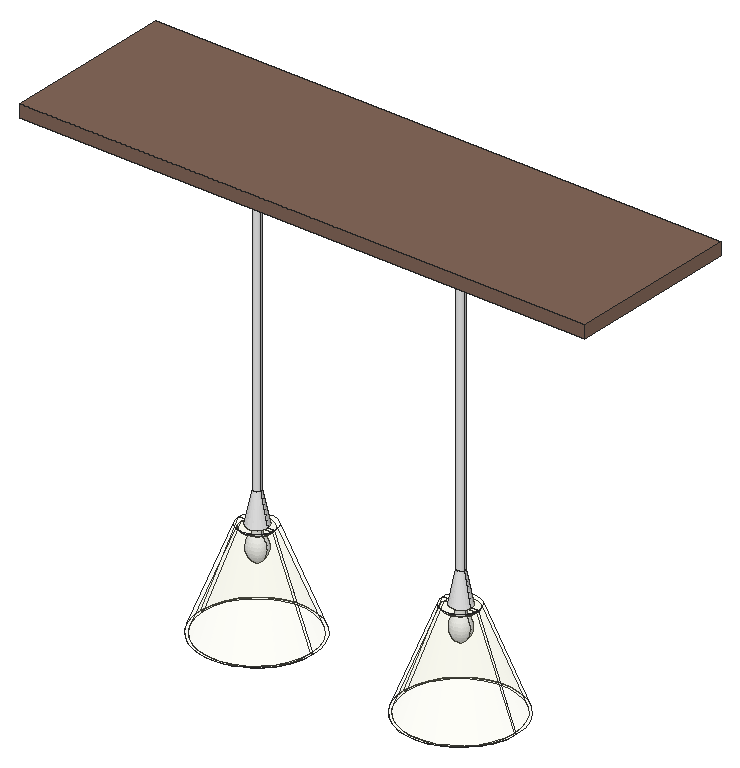
Revit family
Parameters (values of type "원추형 램프 03 W1000*H800")
  천장 드롭A = 800.00 mm
  천장 고정 재료 = 사펠리 폭
  천장 드롭B = 800.00 mm
  built-in parameter 1150142 = (empty or 0)
  Manufacturer = ""
  펜던트 재료 = 금속 - 크롬(2)
  Wattage Comments = "50x2"
  조명 재료 = 파스텔 노란색 유리
Types (4, lengths in mm): name | 천장 드롭A | 천장 드롭B | Wattage Comments
  (no name) | 800.00 | 800.00 | "50x2"
  원추형 램프 01 W800*H1000 | 500.00 | 800.00 | "50x2"
  원추형 램프 02 W1000*H400 | 800.00 | 400.00 | "100"
  원추형 램프 03 W1000*H800 | 800.00 | 800.00 | "50x2"
Reference planes
  plane 1 "조명 축": y = 0
  plane 2 "천장": z = 2438.4
  plane 3 "조명 축": x = 0
  plane 4 "조명원 높이값": z = 1418.4
  plane 5: z = 1638.4
  plane 6: y = 150
  plane 7: y = -150
  plane 8: x = -300
  plane 9: z = 1638.4
  plane 10: x = 700
  plane 11: x = 360
  plane 12: z = 1806.4
  plane 13: z = 1811.4
  plane 14: z = 1806.4
  plane 15: z = 1811.4
  plane 16: z = 1749.9
  plane 17: z = 1749.9
Forms (mm)
  Revolve 1, solid, material "금속 - 크롬(2)" <- "펜던트 재료"
    sketch origin (0, 0, -1.873) x (0, 0, -1) y (1, 0, 0)
      loop
        line (-1808.273, 0) -> (-1808.273, -8.221) -> (-1797.63, -8.221)
        arc (-1797.63, -8.221) -> (-1772.573, -16.775) -> (-1752.088, 0) r 27.237
        line (-1752.088, 0) -> (-1808.273, 0)
      axis (-1808.273, 0) -> (-1752.088, 0)
    angle from 0 to 360
  Revolve 2, solid, material "파스텔 노란색 유리" <- "조명 재료"
    sketch origin (0, 0, 0) x (0, 0, -1) y (1, 0, 0)
      loop
        line (-1811.4, -31.914) -> (-1638.4, -100) -> (-1638.4, -94.94) -> (-1806.4, -27.667) -> (-1806.4, 0) -> (-1811.4, 0) -> (-1811.4, -31.914)
      axis (-1811.4, 0) -> (-1638.4, 0)
    angle from 0 to 360
  Revolve 3, solid, material "금속 - 크롬(2)" <- "펜던트 재료"
    sketch origin (0, 0, 0) x (0, 0, -1) y (1, 0, 0)
      loop
        line (-1866.695, 0) -> (-1866.695, -6.35) -> (-1811.4, -18.103) -> (-1811.4, 0) -> (-1866.695, 0)
      axis (-1866.695, 0) -> (-1811.4, 0)
    angle from 0 to 360
  Extrusion 4, solid, material "금속 - 크롬(2)" <- "펜던트 재료"
    sketch origin (360, 0, 0) x (1, 0, 0) y (0, 1, 0)
      loop
        circle (0, 0) r 6.35
    from 1866.695 to 2416.159
  Revolve 5, solid, material "금속 - 크롬(2)" <- "펜던트 재료"
    sketch origin (360, 0, 200) x (0, 0, -1) y (1, 0, 0)
      loop
        line (-1666.695, 0) -> (-1666.695, -6.35) -> (-1611.4, -18.103) -> (-1611.4, 0) -> (-1666.695, 0)
      axis (-1666.695, 0) -> (-1611.4, 0)
    angle from 0 to 360
  Revolve 6, solid, material "파스텔 노란색 유리" <- "조명 재료"
    sketch origin (360, 0, 262.534) x (0, 0, -1) y (1, 0, 0)
      loop
        line (-1548.866, -31.914) -> (-1375.866, -100) -> (-1375.866, -94.94) -> (-1543.866, -28.821) -> (-1543.866, 0) -> (-1548.866, 0) -> (-1548.866, -31.914)
      axis (-1548.866, 0) -> (-1375.866, 0)
    angle from 0 to 360
  Revolve 7, solid, material "금속 - 크롬(2)" <- "펜던트 재료"
    sketch origin (360, 0, 198.127) x (0, 0, -1) y (1, 0, 0)
      loop
        line (-1608.273, 0) -> (-1608.273, -8.221) -> (-1597.63, -8.221)
        arc (-1597.63, -8.221) -> (-1572.573, -16.775) -> (-1552.088, 0) r 27.237
        line (-1552.088, 0) -> (-1608.273, 0)
      axis (-1608.273, 0) -> (-1552.088, 0)
    angle from 0 to 360
  Extrusion 8, solid, material "사펠리 폭" <- "천장 고정 재료"
    sketch origin (0, 0, 0) x (1, 0, 0) y (0, 1, 0)
      loop
        line (-300, 150) -> (-300, -150) -> (700, -150) -> (700, 150) -> (-300, 150)
    from 2416.159 to 2438.4
  Extrusion 9, solid, material "금속 - 크롬(2)" <- "펜던트 재료"
    sketch origin (0, 0, 0) x (1, 0, 0) y (0, 1, 0)
      loop
        circle (0, 0) r 6.35
    from 1866.695 to 2416.159
Lines and regions (mm)
  sketch lines
    curve 1: line (-1524, 1524, 0) -> (1524, 1524, 0)
    curve 2: line (-1524, 1524, 0) -> (-1524, -1524, 0)
    curve 3: line (-1524, -1524, 0) -> (1524, -1524, 0)
    curve 4: line (1524, 1524, 0) -> (1524, -1524, 0)
Dimensions and locks
  equal spacing: curve 2, plane 3 "조명 축", curve 4
  equal spacing: curve 3, plane 1 "조명 축", curve 1
  curve 2 to curve 4 = 3048.00 mm
  curve 3 to curve 1 = 3048.00 mm
  "천장 드롭B": plane 2 "천장" to plane 5
  locked: Revolve 3 sketch curve to Revolve 3 sketch curve at 55.295
  locked: Revolve 5 sketch curve to Revolve 5 sketch curve at 55.295
  "천장 드롭A": plane 9 to plane 2 "천장"
  plane 10 to plane 8 = 1000.00 mm
  locked: Extrusion 8 to Extrusion 8 at 22.241
  locked: plane 12 to plane 5 at 168
  locked: plane 13 to plane 12 at 5
  locked: plane 14 to plane 9 at 168
  locked: plane 15 to plane 14 at 5
  locked: plane 13 to plane 16 at 61.5
  locked: plane 15 to plane 17 at 61.5
  aligned and locked: plane 3 "조명 축" to Revolve 1 sketch curve  (x2)
  aligned and locked: Revolve 3 sketch curve to Revolve 2
  aligned and locked: Revolve 3 sketch curve to plane 3 "조명 축"
  aligned and locked: plane 9 to Revolve 6 sketch curve
  aligned and locked: Revolve 5 sketch curve to Revolve 6
  aligned and locked: Extrusion 4 to Revolve 5
  aligned and locked: plane 8 to Extrusion 8 sketch curve
  aligned and locked: plane 6 to Extrusion 8 sketch curve
  aligned and locked: plane 7 to Extrusion 8 sketch curve
  aligned and locked: Extrusion 8 sketch curve to plane 10
  aligned and locked: Extrusion 4 to Extrusion 8
  aligned and locked: Extrusion 9 to Revolve 3
  aligned and locked: Extrusion 9 to Extrusion 4
  aligned and locked: Revolve 2 to Revolve 1
  aligned and locked: nested 1 to plane 3 "조명 축"
  aligned and locked: nested 1 to plane 1 "조명 축"  (x2)
  aligned and locked: nested 2 to plane 11
  aligned and locked: nested 2 to plane 1 "조명 축"  (x2)
  aligned and locked: Revolve 1 sketch curve to plane 12
  aligned and locked: Revolve 2 sketch curve to plane 5
  aligned and locked: plane 13 to Revolve 2 sketch curve
  aligned and locked: Revolve 6 sketch curve to plane 15
  aligned and locked: plane 14 to Revolve 7 sketch curve
  aligned and locked: Revolve 6 sketch curve to plane 14
  aligned and locked: nested 1 to plane 16
  aligned and locked: nested 2 to plane 17
Automatic sketch dimensions
  Revolve 2 sketch curve to plane 3 "조명 축" = 0.00 mm  (x2)
  Revolve 2 sketch curve to Revolve 2 sketch curve = 5.00 mm
  Revolve 2 sketch curve to Revolve 2 sketch curve = 111.888 mm
  plane 4 "조명원 높이값" to Revolve 2 sketch curve = 94.291 mm
  Revolve 2 sketch curve to plane 3 "조명 축" = 31.914 mm
  Revolve 2 sketch curve to Revolve 2 sketch curve = 4.247 mm
  Revolve 1 sketch curve to plane 3 "조명 축" = 0.00 mm
  Revolve 1 sketch curve to Revolve 1 sketch curve = 71.672 mm
  Revolve 1 sketch curve to Revolve 1 sketch curve = 10.643 mm
  plane 3 "조명 축" to Revolve 1 sketch curve = 10.029 mm
  Revolve 1 sketch curve to Revolve 1 sketch curve = 20.219 mm
  Revolve 1 sketch curve to Revolve 1 sketch curve = 25.324 mm
  Revolve 1 sketch curve to Revolve 1 sketch curve = 57.144 mm
  Revolve 3 sketch curve to plane 3 "조명 축" = 0.00 mm
  Revolve 3 sketch curve to Revolve 3 sketch curve = 55.883 mm
  Revolve 3 sketch curve to Revolve 3 sketch curve = 68.821 mm
  Revolve 3 sketch curve to Revolve 3 sketch curve = 18.103 mm
  Revolve 2 sketch curve to plane 3 "조명 축" = 94.94 mm
  Revolve 2 sketch curve to Revolve 2 sketch curve = 5.06 mm
  Extrusion 4 sketch curve to plane 1 "조명 축" = 0.00 mm
  Revolve 5 sketch curve to Revolve 5 sketch curve = 55.883 mm
  Revolve 5 sketch curve to Revolve 5 sketch curve = 68.821 mm
  Revolve 5 sketch curve to Revolve 5 sketch curve = 11.753 mm
  Revolve 5 sketch curve to Revolve 5 sketch curve = 6.35 mm  (x2)
  Revolve 7 sketch curve to Revolve 7 sketch curve = 122.493 mm
  Revolve 7 sketch curve to Revolve 7 sketch curve = 10.643 mm
  Revolve 7 sketch curve to Revolve 7 sketch curve = 20.219 mm
  Revolve 7 sketch curve to Revolve 7 sketch curve = 25.324 mm
  Revolve 7 sketch curve to Revolve 7 sketch curve = 6.322 mm
  Revolve 7 sketch curve to Revolve 7 sketch curve = 8.221 mm  (x2)
  plane 3 "조명 축" to Extrusion 4 sketch curve = 360.00 mm
  plane 3 "조명 축" to Revolve 5 sketch curve = 341.897 mm
  plane 3 "조명 축" to Revolve 7 sketch curve = 351.779 mm
  Revolve 3 sketch curve to plane 3 "조명 축" = 6.35 mm
  Extrusion 9 sketch curve to plane 1 "조명 축" = 0.00 mm
  Extrusion 9 sketch curve to plane 3 "조명 축" = 0.00 mm
  Revolve 6 sketch curve to plane 11 = 0.00 mm  (x2)
  plane 15 to Revolve 6 sketch curve = 111.888 mm
  Revolve 6 sketch curve to plane 4 "조명원 높이값" = 5.709 mm
  plane 11 to Revolve 6 sketch curve = 28.821 mm
  Revolve 6 sketch curve to Revolve 6 sketch curve = 3.093 mm
  plane 11 to Revolve 6 sketch curve = 94.94 mm
  Revolve 6 sketch curve to Revolve 6 sketch curve = 5.06 mm
  radius of Extrusion 4 sketch curve = 6.35 mm
  radius of Extrusion 9 sketch curve = 6.35 mm
Nested families
  nested 1: "포인트_스폿" at (0, 0, 1749.9), type "포인트_스폿"
  nested 2: "포인트_스폿" at (360, 0, 1749.9), type "포인트_스폿"
Definition of nested family "포인트_스폿"
  Parameters (values of type "포인트_스폿")
    Wattage = 50 W
    built-in parameter 1150110 = 1 (stored number, unit not read)
    built-in parameter 1114217 = 1 (stored number, unit not read)
    built-in parameter 1150109 = 1 (stored number, unit not read)
    built-in parameter 1150134 = 4
    built-in parameter 1150113 = 1 (stored number, unit not read)
    Tilt Angle = 90.00°
    built-in parameter 1010507 = 1.5708 (stored number, unit not read)
    built-in parameter 1010506 = 0.5236 (stored number, unit not read)
    Lumens = 900 lm
    built-in parameter 1150115 = 1 (stored number, unit not read)
    built-in parameter 1150105 = 3009.2 (stored number, unit not read)
    Light Source Symbol Length = 3048.00 mm
    built-in parameter 1150137 = (empty or 0)
    built-in parameter 1150139 = (empty or 0)
    built-in parameter 1150112 = 1 (stored number, unit not read)
    built-in parameter 1150114 = 1 (stored number, unit not read)
    built-in parameter 1150132 = (empty or 0)
    built-in parameter 1150102 = (empty or 0)
    built-in parameter 1150138 = (empty or 0)
    built-in parameter 1150107 = 2800 (stored number, unit not read)
    built-in parameter 1150106 = 30.092 (stored number, unit not read)
    built-in parameter 1150104 = 1.6723 (stored number, unit not read)
    Dimming Lamp Color Temperature Shift = (empty or 0)
    Color Filter = 16777215
    built-in parameter 1114218 = 1 (stored number, unit not read)
    built-in parameter 1150133 = 10 (stored number, unit not read)
    Assembly Code = ""
  Reference planes
    plane 1 "광원 축(F/B)": y = 0
    plane 2: z = 0
    plane 3 "광원 축(L/R)": x = 0
    plane 4 "광원 입면도": z = 0
  Lines and regions (mm)
    model lines, style "InvisibleLines"
      curve 1: line (0, 0.233, 0) -> (0, -0.267, 0)
      curve 2: line (0.168, 0, 0) -> (-0.332, 0, 0)
      curve 3: line (0, 0, 0.178) -> (0, 0, -0.676)
    reference lines
      curve 4: line (-2100, 0, 0) -> (2100, 0, 0)
      curve 5: line (0.168, 1600, 0) -> (0.168, -1400, 0)
  Dimensions and locks
    aligned and locked: imposter light to plane 3 "광원 축(L/R)"
    aligned and locked: plane 1 "광원 축(F/B)" to imposter light
    aligned and locked: plane 4 "광원 입면도" to imposter light
    aligned and locked: curve 1 to plane 3 "광원 축(L/R)"
    aligned and locked: curve 2 to plane 1 "광원 축(F/B)"
    aligned and locked: curve 3 to plane 3 "광원 축(L/R)"
    aligned and locked: plane 4 "광원 입면도" to plane 2
    aligned and locked: curve 4 to imposter light
    aligned and locked: curve 5 to curve 2
